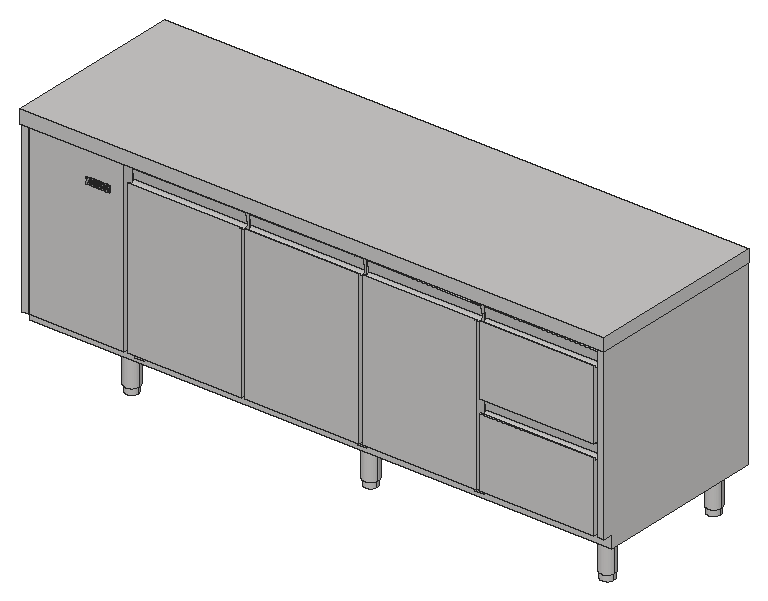
Revit family "QF_ZANUSSI_111057_ZH4HBAAAB", category Specialty Equipment, Revit 2018
Family settings
  Round Connector Dimension = Use Diameter
  Part Type = Normal
  Work Plane-Based = No
  Always vertical = Yes
  Cut with Voids When Loaded = No
  Shared = No
  Room Calculation Point = No
Parameters
  Weight = 0.00 kg
  Watts = 0.0232258 W
  Volts = 220 V
  URL Manufacturer = "http://www.zanussiprofessional.com/"
  URL = "http://www.zanussiprofessional.com/"
  Steam Supply Size = 0 mm
  Steam Supply Minimum Pressure = 0.0 Pa
  Steam Supply Maximum Pressure = 0.0 Pa
  Steam Pounds per Hour = 0
  Show Logo [instance] = yes
  Show Clearance [instance] = yes
  Refrigeration Suction Line Size = 0 mm
  Refrigeration Liquid Line Size = 0 mm
  Refrigerant Compressor Remote = yes
  Manufacturer = "Zanussi"
  Phase = 1
  Model = "ZH4HBAAAB"
  Length Actual = 2253 mm  # constant formula
  Item Number = "111057"
  Hot Water Size = 0 mm
  Height Actual = 900 mm  # constant formula
  HP = "0.3 HP"
  Gas Size = 0 mm
  Gas KW = 0
  Gas Input Pressure = 0 W
  Description = "3 DOORS+2 DRAWERS REFRIGER.TABLE 590L"
  Depth Actual = 700 mm  # constant formula
  Cycle = 50 Hz
  Condensate Return Size = 0 mm
  Compressed Air Volume = 0.0 L/s
  Compressed Air Size = 0 mm
  Compressed Air Pressure = 0.0 Pa
  Cold Water Size = 0 mm
  Accessory = yes
Reference planes
  plane 1 "Center X": y = 182.5
  plane 2: z = 0
  plane 3 "Center Y": x = -580.5
  plane 4: y = -62.5
  plane 5: y = 451.5
  plane 6 "BACK": y = 532.5
  plane 7 "FRONT": y = -167.5
  plane 8: x = -1360
  plane 9: x = 478
  plane 10: z = 150
  plane 11 "TOP": z = 900
  plane 12: z = 850
  plane 13 "LEFT": x = -1705
  plane 14 "RIGHT": x = 544
  plane 15: x = -437
  plane 16: x = -1707
  plane 17: x = 546
Forms (mm)
  Extrusion 1, solid, material "QF_Finishes_Stainless Steel"
    sketch origin (-580.5, 2, 0) x (0, 1, 0) y (0, 0, 1)
      loop
        line (530.5, 150) -> (530.5, 850) -> (-124.5, 850) -> (-124.5, 150) -> (530.5, 150)
    from -1124.5 to 1124.5
  Extrusion 2, solid, material "QF_Finishes_Stainless Steel"
    sketch origin (-1022.223, -1524, 150) x (-1, 0, 0) y (0, -1, 0)
      loop
        line (682.777, -1361.5) -> (657.777, -1361.5) -> (657.777, -1401.5) -> (682.777, -1401.5) -> (682.777, -1361.5)
      loop
        line (-1566.223, -1401.5) -> (-1541.223, -1401.5) -> (-1541.223, -1361.5) -> (-1566.223, -1361.5) -> (-1566.223, -1401.5)
    from 47 to 700
  Extrusion 3, solid, material "QF_Finishes_Stainless Steel"
    sketch origin (0, 0, 900) x (-1, 0, 0) y (0, -1, 0)
      loop
        circle (-57, -94.5) r 8.45
      loop
        circle (851, -94.5) r 8.45
    from -790.577 to -750
  Extrusion 4, solid, material "QF_Finishes_Stainless Steel"
    sketch origin (0, 0, 0) x (1, 0, 0) y (0, 1, 0)
      loop
        circle (-1621, 451.5) r 4
    from 109.423 to 150
  Extrusion 5, solid, material "QF_Finishes_Stainless Steel"
    sketch origin (-126.5, 0, 0) x (0, 1, 0) y (0, 0, 1)
      loop
        line (-167.5, 900) -> (-167.5, 850) -> (532.5, 850) -> (532.5, 900) -> (-167.5, 900)
    from 672.5 to -1580.5
Cuts and joins
  joined: Extrusion 1, Extrusion 2
Lines and regions (mm)
  symbolic lines, style "SpecialityEquipmentHiddenLines"
    curve 1: line (-1707, -122.5, 900) -> (546, -122.5, 900)
    curve 2: line (-1304, -167.5, 900) -> (-1304, -122.5, 900)
  symbolic lines, style "SpecialityEquipment"
    curve 3: line (-1707, 532.5, 900) -> (546, 532.5, 900)
    curve 4: line (-1707, 532.5, 900) -> (-1707, -167.5, 900)
    curve 5: line (-1707, -167.5, 900) -> (546, -167.5, 900)
    curve 6: line (546, -167.5, 900) -> (546, 532.5, 900)
Dimensions and locks
  locked: plane 6 "BACK" to plane 7 "FRONT" at 700
  equal spacing: plane 6 "BACK", plane 1 "Center X", plane 7 "FRONT"
  locked: plane 6 "BACK" to plane 5 at 81
  plane 10 to level = 150 mm
  plane 11 "TOP" to plane 12 to plane 10 = 50 mm locked, 700 mm locked
  locked: Extrusion 2 sketch curve to Extrusion 2 sketch curve at 25  (x2)
  locked: plane 4 to plane 7 "FRONT" at 105
  locked: plane 6 "BACK" to Extrusion 3 sketch curve at 438  (x2)
  equal spacing: plane 13 "LEFT", plane 3 "Center Y", plane 14 "RIGHT"
  plane 16 to plane 17 = 2253 mm
  locked: plane 13 "LEFT" to plane 8 at 345
  plane 15 to plane 9 to plane 14 "RIGHT" = 915 mm locked, 66 mm locked
  Extrusion 3 sketch curve to Extrusion 3 sketch curve to plane 14 "RIGHT" = 908 mm locked, 487 mm locked
  plane 13 "LEFT" to Extrusion 4 sketch curve = 84 mm
  locked: plane 6 "BACK" to Extrusion 4 sketch curve at 81
  locked: plane 10 to Extrusion 4 at 40.577
  aligned and locked: level to plane 2
  aligned and locked: plane 10 to Extrusion 3
  aligned and locked: nested 4 to plane 4
  aligned and locked: nested 1 to plane 4
  aligned and locked: nested 3 to plane 5
  aligned and locked: nested 2 to plane 5
  aligned and locked: plane 8 to nested 1
  aligned and locked: plane 8 to nested 2
  aligned and locked: plane 9 to nested 4
  aligned and locked: plane 9 to nested 3
  aligned and locked: Extrusion 1 to Extrusion 2
  aligned and locked: Extrusion 2 to Extrusion 1
  aligned and locked: Extrusion 2 sketch curve to plane 14 "RIGHT"
  aligned and locked: plane 13 "LEFT" to Extrusion 2 sketch curve
  aligned and locked: cut or joined group of Extrusion 1, Extrusion 2 to plane 10
  aligned and locked: plane 12 to cut or joined group of Extrusion 1, Extrusion 2
  aligned and locked: plane 10 to Extrusion 4
  aligned and locked: plane 15 to nested 11
  aligned and locked: plane 15 to nested 12
Automatic sketch dimensions
  plane 7 "FRONT" to Extrusion 2 sketch curve = 45 mm  (x2)
  plane 7 "FRONT" to Extrusion 2 sketch curve = 5 mm  (x2)
  curve 2 to plane 7 "FRONT" = 0 mm
  curve 5 to plane 16 = 0 mm
  curve 3 to plane 6 "BACK" = 0 mm
  plane 8 to curve 2 = 56 mm
  plane 7 "FRONT" to curve 1 = 45 mm
  Extrusion 1 sketch curve to plane 10 = 0 mm
  Extrusion 1 sketch curve to plane 12 = 0 mm
  Extrusion 1 sketch curve to plane 6 "BACK" = 0 mm
  plane 7 "FRONT" to Extrusion 1 sketch curve = 45 mm
  Extrusion 5 sketch curve to plane 7 "FRONT" = 0 mm
  Extrusion 5 sketch curve to plane 6 "BACK" = 0 mm
  Extrusion 5 sketch curve to plane 12 = 0 mm
  Extrusion 5 sketch curve to plane 11 "TOP" = 0 mm
  curve 6 to plane 17 = 0 mm
  radius of Extrusion 3 sketch curve = 8.45 mm  (x2)
  radius of Extrusion 4 sketch curve = 4 mm
Nested families
  nested 1: "Foot_Ø50_H150" at (-1360, -62.5, 0), type "Foot_Ø50_H150"
  nested 2: "Foot_Ø50_H150" at (-1360, 451.5, 0), type "Foot_Ø50_H150"
  nested 3: "Foot_Ø50_H150" at (478, 451.5, 0), type "Foot_Ø50_H150"
  nested 4: "Foot_Ø50_H150" at (478, -62.5, 0), type "Foot_Ø50_H150"
  nested 5: "2 Drawers" at (285, -164.5, 0), Show Clearance <- "Show Clearance", type "2 Drawers"
  nested 6: "Door" at (-169, -164.5, 0), Show Clearance <- "Show Clearance", type "Door"
  nested 7: "Refrigerator" at (544, -167.5, 900), type "Refrigerator"
  nested 8: "ZAN_Cooling Unit" at (-1495.5, -164.5, 0), Show Logo <- "Show Logo", type "ZAN_Cooling Unit"
  nested 9: "Door" at (-623, -164.5, 0), Show Clearance <- "Show Clearance", type "Door"
  nested 10: "Door" at (-1077, -164.5, 0) x (-1, 0, 0) z (0, 0, 1), Show Clearance <- "Show Clearance", type "Door"
  nested 11: "Foot_Ø50_H150" at (-437, -62.5, 0), type "Foot_Ø50_H150"
  nested 12: "Foot_Ø50_H150" at (-437, 451.5, 0), type "Foot_Ø50_H150"
Connectors
  electrical at (-1621, 451.5, 109.423), driven by "Volts"
    settings: on Extrusion 4, index 4, voltage 220 V, apparent load 0 VA, apparent load phase1 0 VA, apparent load phase2 0 VA, apparent load phase3 0 VA, power factor 1, load classification "Altro", number of poles 1, system type 30, power factor state 1, is connector primary yes, connector utility no, sub classification motor no, connector description "Electrical Connection"
  piping at (57, 94.5, 109.423), diameter 17
    settings: on Extrusion 3, index 5, connector inside diameter 609.6 mm, connector length 0 mm, flow factor 0, pipe flow 0.0 L/s, pressure drop 0.0 Pa, fitting loss kfactor 0, connector angle 0.00°, fixture units 0, engagement length 0 mm, angle of deflection 0.00°, flow configuration 1, flow direction 2, fitting loss method 0, system type 16, joint type 0, gender type 0, connector reference index -1, connector utility 0, adjustable connector no, is connector primary yes, connector description "Drain"
  piping at (-851, 94.5, 109.423), diameter 17
    settings: on Extrusion 3, index 6, connector inside diameter 609.6 mm, connector length 0 mm, flow factor 0, pipe flow 0.0 L/s, pressure drop 0.0 Pa, fitting loss kfactor 0, connector angle 0.00°, fixture units 0, engagement length 0 mm, angle of deflection 0.00°, flow configuration 1, flow direction 2, fitting loss method 0, system type 16, joint type 0, gender type 0, connector reference index -1, connector utility 0, adjustable connector no, is connector primary no, connector description "Drain"
Definition of nested family "Foot_Ø50_H150"
  Reference planes
    plane 1 "Centro (Fronte/Retro)": y = 0
    plane 2: z = 0
    plane 3 "Centro (Sinistra/Destra)": x = 0
    plane 4: z = 150
  Forms (mm)
    Revolve 1, solid
      sketch origin (255.05, 0, 608.09) x (0, 0, 1) y (-1, 0, 0)
        loop
          line (-608.09, 255.05) -> (-608.09, 230.05) -> (-583.09, 230.05) -> (-583.09, 226.05) -> (-458.09, 226.05) -> (-458.09, 255.05) -> (-608.09, 255.05)
        axis (-608.09, 255.05) -> (-458.09, 255.05)
      angle from 0 to 360
  Dimensions and locks
    locked: Revolve 1 sketch curve to Revolve 1 sketch curve at 125
    aligned and locked: level to plane 2
    aligned and locked: plane 4 to Revolve 1 sketch curve
    aligned and locked: Revolve 1 sketch curve to level
    aligned and locked: plane 3 "Centro (Sinistra/Destra)" to Revolve 1 sketch curve
Definition of nested family "2 Drawers"
  Parameters
    Show Clearance [instance] = yes
  Reference planes
    plane 1 "FRONT": y = -3
    plane 2: z = 0
    plane 3 "Centro (Sinistra/Destra)": x = 0
    plane 4: z = 150
    plane 5: z = 850
    plane 6: x = -234
    plane 7: x = 234
    plane 8: x = -220
    plane 9: x = 220
  Forms (mm)
    Extrusion 1, solid
      sketch origin (0, 55, 511) x (0, 0, 1) y (0, -1, 0)
        loop
          line (314, 18) -> (314, 29) -> (274.395, 22.5)
          arc (274.395, 22.5) -> (260.395, 36.5) -> (274.395, 50.5) r 14
          line (274.395, 50.5) -> (274.395, 53) -> (5, 53) -> (5, 18) -> (314, 18)
        loop
          line (-5, 29) -> (-44.605, 22.5)
          arc (-44.605, 22.5) -> (-58.605, 36.5) -> (-44.605, 50.5) r 14
          line (-44.605, 50.5) -> (-44.605, 53) -> (-314, 53) -> (-314, 18) -> (-5, 18) -> (-5, 29)
      from -220 to 220
    Extrusion 2, solid, visible <- "Show Clearance", detail levels coarse
      sketch origin (0, -462, 511) x (0, 0, 1) y (0, -1, 0)
        loop
          line (-314, 109) -> (-314, -464) -> (-5, -464) -> (-5, 109) -> (-314, 109)
        loop
          line (314, -464) -> (314, 109) -> (5, 109) -> (5, -464) -> (314, -464)
      from -220 to 220
  Lines and regions (mm)
    symbolic lines
      curve 1: line (-190, -3, 0) -> (-190, -88, 0)
      curve 2: line (190, -88, 0) -> (190, -3, 0)
      curve 3: line (220, -88, 0) -> (-220, -88, 0)
      curve 4: line (-220, -88, 0) -> (-220, -123, 0)
      curve 5: line (-220, -123, 0) -> (220, -123, 0)
      curve 6: line (220, -123, 0) -> (220, -88, 0)
      curve 7: line (-190, -123, 0) -> (-190, -208, 0)
      curve 8: line (220, -208, 0) -> (-220, -208, 0)
      curve 9: line (-220, -208, 0) -> (-220, -243, 0)
      curve 10: line (-220, -243, 0) -> (220, -243, 0)
      curve 11: line (220, -243, 0) -> (220, -208, 0)
      curve 12: line (190, -208, 0) -> (190, -123, 0)
  Dimensions and locks
    aligned and locked: level to plane 2
Definition of nested family "Door"
  Parameters
    Show Clearance [instance] = yes
  Reference planes
    plane 1 "FRONT": y = -3
    plane 2: z = 0
    plane 3 "Centro (Sinistra/Destra)": x = 0
    plane 4: z = 150
    plane 5: z = 850
    plane 6: x = -234
    plane 7: x = 234
    plane 8: x = -220
    plane 9: x = 220
  Forms (mm)
    Extrusion 1, solid
      sketch origin (0, 53, 511) x (0, 0, 1) y (0, -1, 0)
        loop
          line (-323.003, 28.5) -> (-316.501, 28.5) -> (-316.501, 31) -> (-325.503, 31) -> (-325.503, 13.5) -> (-345.503, 13.5) -> (-345.503, 11) -> (-323.003, 11) -> (-323.003, 23.259) -> (-323.003, 28.5)
        loop
          line (-314, 27) -> (-316.501, 27) -> (-316.501, 18.501) -> (-319.752, 18.501) -> (-319.752, 16) -> (-314, 16) -> (-314, 27)
        loop
          line (315.003, 27) -> (315.003, 13.948) -> (315.003, 11) -> (327.503, 11) -> (327.503, 13.5) -> (317.503, 13.5) -> (317.503, 27) -> (315.003, 27)
      from 185 to 220
    Extrusion 2, solid, visible <- "Show Clearance", detail levels coarse
      sketch origin (0, 53, 511) x (0, -1, 0) y (1, 0, 0)
        loop
          line (51, 220) -> (51, -220)
          arc (51, -220) -> (339.234, -79.44) -> (454, 220) r 437.168
          line (454, 220) -> (51, 220)
      from -314 to 314
    Extrusion 3, solid
      sketch origin (0, 55, 511) x (0, 0, 1) y (0, -1, 0)
        loop
          line (314, 18) -> (314, 29) -> (274.395, 22.5)
          arc (274.395, 22.5) -> (260.395, 36.5) -> (274.395, 50.5) r 14
          line (274.395, 50.5) -> (274.395, 53) -> (-314, 53) -> (-314, 18) -> (314, 18)
      from -220 to 220
  Lines and regions (mm)
    symbolic lines
      curve 1: line (220, -3, 0) -> (220, -401, 0)
      curve 2: line (220, -401, 0) -> (185, -401, 0)
      curve 3: line (185, -401, 0) -> (185, -3, 0)
      curve 4: arc (-219.722, -3, 0) -> (-89.51, -275.368, 0) -> (185, -401, 0) r 442.855
  Dimensions and locks
    aligned and locked: level to plane 2
Definition of nested family "ZAN_Cooling Unit"
  Parameters
    Show Logo [instance] = yes
  Reference planes
    plane 1 "FRONT": y = -3
    plane 2: z = 0
    plane 3 "Centro (Sinistra/Destra)": x = 0
    plane 4: z = 150
    plane 5: z = 850
    plane 6: x = -184.5
    plane 7: x = 184.5
  Forms (mm)
    Extrusion 1, solid
      sketch origin (0, 55, 511) x (0, 0, 1) y (0, -1, 0)
        loop
          line (-314, 53) -> (-314, 13) -> (339, 13) -> (339, 53) -> (-314, 53)
      from -184.5 to 184.5
  Lines and regions (mm)
    Split face 1
      outline origin (0, 2, 197) x (0, 0, 1) y (-1, 0, 0)
        loop
          line (566.835, 184.5) -> (566.835, -184.5)
        loop
          line (521.835, 184.5) -> (521.835, -184.5)
    Split face 2
      outline origin (0, 2, 197) x (0, 0, 1) y (-1, 0, 0)
        loop
          arc (510.649, 158.547) -> (506.648, 162.548) -> (502.647, 158.547) r 4.001
          line (502.647, 158.547) -> (502.647, 116.535)
          arc (502.647, 116.535) -> (506.648, 112.533) -> (510.649, 116.535) r 4.001
          line (510.649, 116.535) -> (510.649, 158.547)
    Split face 3
      outline origin (0, 2, 184.996) x (0, 0, 1) y (-1, 0, 0)
        loop
          arc (510.649, 158.547) -> (506.648, 162.548) -> (502.647, 158.547) r 4.001
          line (502.647, 158.547) -> (502.647, 116.535)
          arc (502.647, 116.535) -> (506.648, 112.533) -> (510.649, 116.535) r 4.001
          line (510.649, 116.535) -> (510.649, 158.547)
    Split face 4
      outline origin (0, 2, 172.993) x (0, 0, 1) y (-1, 0, 0)
        loop
          arc (510.649, 158.547) -> (506.648, 162.548) -> (502.647, 158.547) r 4.001
          line (502.647, 158.547) -> (502.647, 116.535)
          arc (502.647, 116.535) -> (506.648, 112.533) -> (510.649, 116.535) r 4.001
          line (510.649, 116.535) -> (510.649, 158.547)
    Split face 5
      outline origin (0, 2, 160.989) x (0, 0, 1) y (-1, 0, 0)
        loop
          arc (510.649, 158.547) -> (506.648, 162.548) -> (502.647, 158.547) r 4.001
          line (502.647, 158.547) -> (502.647, 116.535)
          arc (502.647, 116.535) -> (506.648, 112.533) -> (510.649, 116.535) r 4.001
          line (510.649, 116.535) -> (510.649, 158.547)
    Split face 6
      outline origin (0, 2, 148.986) x (0, 0, 1) y (-1, 0, 0)
        loop
          arc (510.649, 158.547) -> (506.648, 162.548) -> (502.647, 158.547) r 4.001
          line (502.647, 158.547) -> (502.647, 116.535)
          arc (502.647, 116.535) -> (506.648, 112.533) -> (510.649, 116.535) r 4.001
          line (510.649, 116.535) -> (510.649, 158.547)
    Split face 7
      outline origin (0, 2, 136.982) x (0, 0, 1) y (-1, 0, 0)
        loop
          arc (510.649, 158.547) -> (506.648, 162.548) -> (502.647, 158.547) r 4.001
          line (502.647, 158.547) -> (502.647, 116.535)
          arc (502.647, 116.535) -> (506.648, 112.533) -> (510.649, 116.535) r 4.001
          line (510.649, 116.535) -> (510.649, 158.547)
    Split face 8
      outline origin (0, 2, 124.979) x (0, 0, 1) y (-1, 0, 0)
        loop
          arc (510.649, 158.547) -> (506.648, 162.548) -> (502.647, 158.547) r 4.001
          line (502.647, 158.547) -> (502.647, 116.535)
          arc (502.647, 116.535) -> (506.648, 112.533) -> (510.649, 116.535) r 4.001
          line (510.649, 116.535) -> (510.649, 158.547)
    Split face 9
      outline origin (0, 2, 112.975) x (0, 0, 1) y (-1, 0, 0)
        loop
          arc (510.649, 158.547) -> (506.648, 162.548) -> (502.647, 158.547) r 4.001
          line (502.647, 158.547) -> (502.647, 116.535)
          arc (502.647, 116.535) -> (506.648, 112.533) -> (510.649, 116.535) r 4.001
          line (510.649, 116.535) -> (510.649, 158.547)
    Split face 10
      outline origin (0, 2, 100.972) x (0, 0, 1) y (-1, 0, 0)
        loop
          arc (510.649, 158.547) -> (506.648, 162.548) -> (502.647, 158.547) r 4.001
          line (502.647, 158.547) -> (502.647, 116.535)
          arc (502.647, 116.535) -> (506.648, 112.533) -> (510.649, 116.535) r 4.001
          line (510.649, 116.535) -> (510.649, 158.547)
    Split face 11
      outline origin (0, 2, 88.968) x (0, 0, 1) y (-1, 0, 0)
        loop
          arc (510.649, 158.547) -> (506.648, 162.548) -> (502.647, 158.547) r 4.001
          line (502.647, 158.547) -> (502.647, 116.535)
          arc (502.647, 116.535) -> (506.648, 112.533) -> (510.649, 116.535) r 4.001
          line (510.649, 116.535) -> (510.649, 158.547)
    Split face 12
      outline origin (0, 2, 76.965) x (0, 0, 1) y (-1, 0, 0)
        loop
          arc (510.649, 158.547) -> (506.648, 162.548) -> (502.647, 158.547) r 4.001
          line (502.647, 158.547) -> (502.647, 116.535)
          arc (502.647, 116.535) -> (506.648, 112.533) -> (510.649, 116.535) r 4.001
          line (510.649, 116.535) -> (510.649, 158.547)
    Split face 13
      outline origin (0, 2, 64.961) x (0, 0, 1) y (-1, 0, 0)
        loop
          arc (510.649, 158.547) -> (506.648, 162.548) -> (502.647, 158.547) r 4.001
          line (502.647, 158.547) -> (502.647, 116.535)
          arc (502.647, 116.535) -> (506.648, 112.533) -> (510.649, 116.535) r 4.001
          line (510.649, 116.535) -> (510.649, 158.547)
    Split face 14
      outline origin (0, 2, 52.958) x (0, 0, 1) y (-1, 0, 0)
        loop
          arc (510.649, 158.547) -> (506.648, 162.548) -> (502.647, 158.547) r 4.001
          line (502.647, 158.547) -> (502.647, 116.535)
          arc (502.647, 116.535) -> (506.648, 112.533) -> (510.649, 116.535) r 4.001
          line (510.649, 116.535) -> (510.649, 158.547)
    Split face 15
      outline origin (0, 2, 40.954) x (0, 0, 1) y (-1, 0, 0)
        loop
          arc (510.649, 158.547) -> (506.648, 162.548) -> (502.647, 158.547) r 4.001
          line (502.647, 158.547) -> (502.647, 116.535)
          arc (502.647, 116.535) -> (506.648, 112.533) -> (510.649, 116.535) r 4.001
          line (510.649, 116.535) -> (510.649, 158.547)
    Split face 16
      outline origin (0, 2, 28.951) x (0, 0, 1) y (-1, 0, 0)
        loop
          arc (510.649, 158.547) -> (506.648, 162.548) -> (502.647, 158.547) r 4.001
          line (502.647, 158.547) -> (502.647, 116.535)
          arc (502.647, 116.535) -> (506.648, 112.533) -> (510.649, 116.535) r 4.001
          line (510.649, 116.535) -> (510.649, 158.547)
    Split face 17
      outline origin (0, 2, 16.947) x (0, 0, 1) y (-1, 0, 0)
        loop
          arc (510.649, 158.547) -> (506.648, 162.548) -> (502.647, 158.547) r 4.001
          line (502.647, 158.547) -> (502.647, 116.535)
          arc (502.647, 116.535) -> (506.648, 112.533) -> (510.649, 116.535) r 4.001
          line (510.649, 116.535) -> (510.649, 158.547)
    Split face 18
      outline origin (55.016, 2, 197) x (0, 0, 1) y (-1, 0, 0)
        loop
          arc (510.649, 158.547) -> (506.648, 162.548) -> (502.647, 158.547) r 4.001
          line (502.647, 158.547) -> (502.647, 116.535)
          arc (502.647, 116.535) -> (506.648, 112.533) -> (510.649, 116.535) r 4.001
          line (510.649, 116.535) -> (510.649, 158.547)
    Split face 19
      outline origin (55.016, 2, 184.996) x (0, 0, 1) y (-1, 0, 0)
        loop
          arc (510.649, 158.547) -> (506.648, 162.548) -> (502.647, 158.547) r 4.001
          line (502.647, 158.547) -> (502.647, 116.535)
          arc (502.647, 116.535) -> (506.648, 112.533) -> (510.649, 116.535) r 4.001
          line (510.649, 116.535) -> (510.649, 158.547)
    Split face 20
      outline origin (55.016, 2, 172.993) x (0, 0, 1) y (-1, 0, 0)
        loop
          arc (510.649, 158.547) -> (506.648, 162.548) -> (502.647, 158.547) r 4.001
          line (502.647, 158.547) -> (502.647, 116.535)
          arc (502.647, 116.535) -> (506.648, 112.533) -> (510.649, 116.535) r 4.001
          line (510.649, 116.535) -> (510.649, 158.547)
    Split face 21
      outline origin (55.016, 2, 160.989) x (0, 0, 1) y (-1, 0, 0)
        loop
          arc (510.649, 158.547) -> (506.648, 162.548) -> (502.647, 158.547) r 4.001
          line (502.647, 158.547) -> (502.647, 116.535)
          arc (502.647, 116.535) -> (506.648, 112.533) -> (510.649, 116.535) r 4.001
          line (510.649, 116.535) -> (510.649, 158.547)
    Split face 22
      outline origin (55.016, 2, 148.986) x (0, 0, 1) y (-1, 0, 0)
        loop
          arc (510.649, 158.547) -> (506.648, 162.548) -> (502.647, 158.547) r 4.001
          line (502.647, 158.547) -> (502.647, 116.535)
          arc (502.647, 116.535) -> (506.648, 112.533) -> (510.649, 116.535) r 4.001
          line (510.649, 116.535) -> (510.649, 158.547)
    Split face 23
      outline origin (55.016, 2, 136.982) x (0, 0, 1) y (-1, 0, 0)
        loop
          arc (510.649, 158.547) -> (506.648, 162.548) -> (502.647, 158.547) r 4.001
          line (502.647, 158.547) -> (502.647, 116.535)
          arc (502.647, 116.535) -> (506.648, 112.533) -> (510.649, 116.535) r 4.001
          line (510.649, 116.535) -> (510.649, 158.547)
    Split face 24
      outline origin (55.016, 2, 124.979) x (0, 0, 1) y (-1, 0, 0)
        loop
          arc (510.649, 158.547) -> (506.648, 162.548) -> (502.647, 158.547) r 4.001
          line (502.647, 158.547) -> (502.647, 116.535)
          arc (502.647, 116.535) -> (506.648, 112.533) -> (510.649, 116.535) r 4.001
          line (510.649, 116.535) -> (510.649, 158.547)
    Split face 25
      outline origin (55.016, 2, 112.975) x (0, 0, 1) y (-1, 0, 0)
        loop
          arc (510.649, 158.547) -> (506.648, 162.548) -> (502.647, 158.547) r 4.001
          line (502.647, 158.547) -> (502.647, 116.535)
          arc (502.647, 116.535) -> (506.648, 112.533) -> (510.649, 116.535) r 4.001
          line (510.649, 116.535) -> (510.649, 158.547)
    Split face 26
      outline origin (55.016, 2, 100.972) x (0, 0, 1) y (-1, 0, 0)
        loop
          arc (510.649, 158.547) -> (506.648, 162.548) -> (502.647, 158.547) r 4.001
          line (502.647, 158.547) -> (502.647, 116.535)
          arc (502.647, 116.535) -> (506.648, 112.533) -> (510.649, 116.535) r 4.001
          line (510.649, 116.535) -> (510.649, 158.547)
    Split face 27
      outline origin (55.016, 2, 88.968) x (0, 0, 1) y (-1, 0, 0)
        loop
          arc (510.649, 158.547) -> (506.648, 162.548) -> (502.647, 158.547) r 4.001
          line (502.647, 158.547) -> (502.647, 116.535)
          arc (502.647, 116.535) -> (506.648, 112.533) -> (510.649, 116.535) r 4.001
          line (510.649, 116.535) -> (510.649, 158.547)
    Split face 28
      outline origin (55.016, 2, 76.965) x (0, 0, 1) y (-1, 0, 0)
        loop
          arc (510.649, 158.547) -> (506.648, 162.548) -> (502.647, 158.547) r 4.001
          line (502.647, 158.547) -> (502.647, 116.535)
          arc (502.647, 116.535) -> (506.648, 112.533) -> (510.649, 116.535) r 4.001
          line (510.649, 116.535) -> (510.649, 158.547)
    Split face 29
      outline origin (55.016, 2, 64.961) x (0, 0, 1) y (-1, 0, 0)
        loop
          arc (510.649, 158.547) -> (506.648, 162.548) -> (502.647, 158.547) r 4.001
          line (502.647, 158.547) -> (502.647, 116.535)
          arc (502.647, 116.535) -> (506.648, 112.533) -> (510.649, 116.535) r 4.001
          line (510.649, 116.535) -> (510.649, 158.547)
    Split face 30
      outline origin (55.016, 2, 52.958) x (0, 0, 1) y (-1, 0, 0)
        loop
          arc (510.649, 158.547) -> (506.648, 162.548) -> (502.647, 158.547) r 4.001
          line (502.647, 158.547) -> (502.647, 116.535)
          arc (502.647, 116.535) -> (506.648, 112.533) -> (510.649, 116.535) r 4.001
          line (510.649, 116.535) -> (510.649, 158.547)
    Split face 31
      outline origin (55.016, 2, 40.954) x (0, 0, 1) y (-1, 0, 0)
        loop
          arc (510.649, 158.547) -> (506.648, 162.548) -> (502.647, 158.547) r 4.001
          line (502.647, 158.547) -> (502.647, 116.535)
          arc (502.647, 116.535) -> (506.648, 112.533) -> (510.649, 116.535) r 4.001
          line (510.649, 116.535) -> (510.649, 158.547)
    Split face 32
      outline origin (55.016, 2, 28.951) x (0, 0, 1) y (-1, 0, 0)
        loop
          arc (510.649, 158.547) -> (506.648, 162.548) -> (502.647, 158.547) r 4.001
          line (502.647, 158.547) -> (502.647, 116.535)
          arc (502.647, 116.535) -> (506.648, 112.533) -> (510.649, 116.535) r 4.001
          line (510.649, 116.535) -> (510.649, 158.547)
    Split face 33
      outline origin (55.016, 2, 16.947) x (0, 0, 1) y (-1, 0, 0)
        loop
          arc (510.649, 158.547) -> (506.648, 162.548) -> (502.647, 158.547) r 4.001
          line (502.647, 158.547) -> (502.647, 116.535)
          arc (502.647, 116.535) -> (506.648, 112.533) -> (510.649, 116.535) r 4.001
          line (510.649, 116.535) -> (510.649, 158.547)
    Split face 34
      outline origin (110.032, 2, 197) x (0, 0, 1) y (-1, 0, 0)
        loop
          arc (510.649, 158.547) -> (506.648, 162.548) -> (502.647, 158.547) r 4.001
          line (502.647, 158.547) -> (502.647, 116.535)
          arc (502.647, 116.535) -> (506.648, 112.533) -> (510.649, 116.535) r 4.001
          line (510.649, 116.535) -> (510.649, 158.547)
    Split face 35
      outline origin (110.032, 2, 184.996) x (0, 0, 1) y (-1, 0, 0)
        loop
          arc (510.649, 158.547) -> (506.648, 162.548) -> (502.647, 158.547) r 4.001
          line (502.647, 158.547) -> (502.647, 116.535)
          arc (502.647, 116.535) -> (506.648, 112.533) -> (510.649, 116.535) r 4.001
          line (510.649, 116.535) -> (510.649, 158.547)
    Split face 36
      outline origin (110.032, 2, 172.993) x (0, 0, 1) y (-1, 0, 0)
        loop
          arc (510.649, 158.547) -> (506.648, 162.548) -> (502.647, 158.547) r 4.001
          line (502.647, 158.547) -> (502.647, 116.535)
          arc (502.647, 116.535) -> (506.648, 112.533) -> (510.649, 116.535) r 4.001
          line (510.649, 116.535) -> (510.649, 158.547)
    Split face 37
      outline origin (110.032, 2, 160.989) x (0, 0, 1) y (-1, 0, 0)
        loop
          arc (510.649, 158.547) -> (506.648, 162.548) -> (502.647, 158.547) r 4.001
          line (502.647, 158.547) -> (502.647, 116.535)
          arc (502.647, 116.535) -> (506.648, 112.533) -> (510.649, 116.535) r 4.001
          line (510.649, 116.535) -> (510.649, 158.547)
    Split face 38
      outline origin (110.032, 2, 148.986) x (0, 0, 1) y (-1, 0, 0)
        loop
          arc (510.649, 158.547) -> (506.648, 162.548) -> (502.647, 158.547) r 4.001
          line (502.647, 158.547) -> (502.647, 116.535)
          arc (502.647, 116.535) -> (506.648, 112.533) -> (510.649, 116.535) r 4.001
          line (510.649, 116.535) -> (510.649, 158.547)
    Split face 39
      outline origin (110.032, 2, 136.982) x (0, 0, 1) y (-1, 0, 0)
        loop
          arc (510.649, 158.547) -> (506.648, 162.548) -> (502.647, 158.547) r 4.001
          line (502.647, 158.547) -> (502.647, 116.535)
          arc (502.647, 116.535) -> (506.648, 112.533) -> (510.649, 116.535) r 4.001
          line (510.649, 116.535) -> (510.649, 158.547)
    Split face 40
      outline origin (110.032, 2, 124.979) x (0, 0, 1) y (-1, 0, 0)
        loop
          arc (510.649, 158.547) -> (506.648, 162.548) -> (502.647, 158.547) r 4.001
          line (502.647, 158.547) -> (502.647, 116.535)
          arc (502.647, 116.535) -> (506.648, 112.533) -> (510.649, 116.535) r 4.001
          line (510.649, 116.535) -> (510.649, 158.547)
    Split face 41
      outline origin (110.032, 2, 112.975) x (0, 0, 1) y (-1, 0, 0)
        loop
          arc (510.649, 158.547) -> (506.648, 162.548) -> (502.647, 158.547) r 4.001
          line (502.647, 158.547) -> (502.647, 116.535)
          arc (502.647, 116.535) -> (506.648, 112.533) -> (510.649, 116.535) r 4.001
          line (510.649, 116.535) -> (510.649, 158.547)
    Split face 42
      outline origin (110.032, 2, 100.972) x (0, 0, 1) y (-1, 0, 0)
        loop
          arc (510.649, 158.547) -> (506.648, 162.548) -> (502.647, 158.547) r 4.001
          line (502.647, 158.547) -> (502.647, 116.535)
          arc (502.647, 116.535) -> (506.648, 112.533) -> (510.649, 116.535) r 4.001
          line (510.649, 116.535) -> (510.649, 158.547)
    Split face 43
      outline origin (110.032, 2, 88.968) x (0, 0, 1) y (-1, 0, 0)
        loop
          arc (510.649, 158.547) -> (506.648, 162.548) -> (502.647, 158.547) r 4.001
          line (502.647, 158.547) -> (502.647, 116.535)
          arc (502.647, 116.535) -> (506.648, 112.533) -> (510.649, 116.535) r 4.001
          line (510.649, 116.535) -> (510.649, 158.547)
    Split face 44
      outline origin (110.032, 2, 76.965) x (0, 0, 1) y (-1, 0, 0)
        loop
          arc (510.649, 158.547) -> (506.648, 162.548) -> (502.647, 158.547) r 4.001
          line (502.647, 158.547) -> (502.647, 116.535)
          arc (502.647, 116.535) -> (506.648, 112.533) -> (510.649, 116.535) r 4.001
          line (510.649, 116.535) -> (510.649, 158.547)
    Split face 45
      outline origin (110.032, 2, 64.961) x (0, 0, 1) y (-1, 0, 0)
        loop
          arc (510.649, 158.547) -> (506.648, 162.548) -> (502.647, 158.547) r 4.001
          line (502.647, 158.547) -> (502.647, 116.535)
          arc (502.647, 116.535) -> (506.648, 112.533) -> (510.649, 116.535) r 4.001
          line (510.649, 116.535) -> (510.649, 158.547)
    Split face 46
      outline origin (110.032, 2, 52.958) x (0, 0, 1) y (-1, 0, 0)
        loop
          arc (510.649, 158.547) -> (506.648, 162.548) -> (502.647, 158.547) r 4.001
          line (502.647, 158.547) -> (502.647, 116.535)
          arc (502.647, 116.535) -> (506.648, 112.533) -> (510.649, 116.535) r 4.001
          line (510.649, 116.535) -> (510.649, 158.547)
    Split face 47
      outline origin (110.032, 2, 40.954) x (0, 0, 1) y (-1, 0, 0)
        loop
          arc (510.649, 158.547) -> (506.648, 162.548) -> (502.647, 158.547) r 4.001
          line (502.647, 158.547) -> (502.647, 116.535)
          arc (502.647, 116.535) -> (506.648, 112.533) -> (510.649, 116.535) r 4.001
          line (510.649, 116.535) -> (510.649, 158.547)
    Split face 48
      outline origin (110.032, 2, 28.951) x (0, 0, 1) y (-1, 0, 0)
        loop
          arc (510.649, 158.547) -> (506.648, 162.548) -> (502.647, 158.547) r 4.001
          line (502.647, 158.547) -> (502.647, 116.535)
          arc (502.647, 116.535) -> (506.648, 112.533) -> (510.649, 116.535) r 4.001
          line (510.649, 116.535) -> (510.649, 158.547)
    Split face 49
      outline origin (110.032, 2, 16.947) x (0, 0, 1) y (-1, 0, 0)
        loop
          arc (510.649, 158.547) -> (506.648, 162.548) -> (502.647, 158.547) r 4.001
          line (502.647, 158.547) -> (502.647, 116.535)
          arc (502.647, 116.535) -> (506.648, 112.533) -> (510.649, 116.535) r 4.001
          line (510.649, 116.535) -> (510.649, 158.547)
    Split face 50
      outline origin (165.048, 2, 197) x (0, 0, 1) y (-1, 0, 0)
        loop
          arc (510.649, 158.547) -> (506.648, 162.548) -> (502.647, 158.547) r 4.001
          line (502.647, 158.547) -> (502.647, 116.535)
          arc (502.647, 116.535) -> (506.648, 112.533) -> (510.649, 116.535) r 4.001
          line (510.649, 116.535) -> (510.649, 158.547)
    Split face 51
      outline origin (165.048, 2, 184.996) x (0, 0, 1) y (-1, 0, 0)
        loop
          arc (510.649, 158.547) -> (506.648, 162.548) -> (502.647, 158.547) r 4.001
          line (502.647, 158.547) -> (502.647, 116.535)
          arc (502.647, 116.535) -> (506.648, 112.533) -> (510.649, 116.535) r 4.001
          line (510.649, 116.535) -> (510.649, 158.547)
    Split face 52
      outline origin (165.048, 2, 172.993) x (0, 0, 1) y (-1, 0, 0)
        loop
          arc (510.649, 158.547) -> (506.648, 162.548) -> (502.647, 158.547) r 4.001
          line (502.647, 158.547) -> (502.647, 116.535)
          arc (502.647, 116.535) -> (506.648, 112.533) -> (510.649, 116.535) r 4.001
          line (510.649, 116.535) -> (510.649, 158.547)
    Split face 53
      outline origin (165.048, 2, 160.989) x (0, 0, 1) y (-1, 0, 0)
        loop
          arc (510.649, 158.547) -> (506.648, 162.548) -> (502.647, 158.547) r 4.001
          line (502.647, 158.547) -> (502.647, 116.535)
          arc (502.647, 116.535) -> (506.648, 112.533) -> (510.649, 116.535) r 4.001
          line (510.649, 116.535) -> (510.649, 158.547)
    Split face 54
      outline origin (165.048, 2, 148.986) x (0, 0, 1) y (-1, 0, 0)
        loop
          arc (510.649, 158.547) -> (506.648, 162.548) -> (502.647, 158.547) r 4.001
          line (502.647, 158.547) -> (502.647, 116.535)
          arc (502.647, 116.535) -> (506.648, 112.533) -> (510.649, 116.535) r 4.001
          line (510.649, 116.535) -> (510.649, 158.547)
    Split face 55
      outline origin (165.048, 2, 136.982) x (0, 0, 1) y (-1, 0, 0)
        loop
          arc (510.649, 158.547) -> (506.648, 162.548) -> (502.647, 158.547) r 4.001
          line (502.647, 158.547) -> (502.647, 116.535)
          arc (502.647, 116.535) -> (506.648, 112.533) -> (510.649, 116.535) r 4.001
          line (510.649, 116.535) -> (510.649, 158.547)
    Split face 56
      outline origin (165.048, 2, 124.979) x (0, 0, 1) y (-1, 0, 0)
        loop
          arc (510.649, 158.547) -> (506.648, 162.548) -> (502.647, 158.547) r 4.001
          line (502.647, 158.547) -> (502.647, 116.535)
          arc (502.647, 116.535) -> (506.648, 112.533) -> (510.649, 116.535) r 4.001
          line (510.649, 116.535) -> (510.649, 158.547)
    Split face 57
      outline origin (165.048, 2, 112.975) x (0, 0, 1) y (-1, 0, 0)
        loop
          arc (510.649, 158.547) -> (506.648, 162.548) -> (502.647, 158.547) r 4.001
          line (502.647, 158.547) -> (502.647, 116.535)
          arc (502.647, 116.535) -> (506.648, 112.533) -> (510.649, 116.535) r 4.001
          line (510.649, 116.535) -> (510.649, 158.547)
    Split face 58
      outline origin (165.048, 2, 100.972) x (0, 0, 1) y (-1, 0, 0)
        loop
          arc (510.649, 158.547) -> (506.648, 162.548) -> (502.647, 158.547) r 4.001
          line (502.647, 158.547) -> (502.647, 116.535)
          arc (502.647, 116.535) -> (506.648, 112.533) -> (510.649, 116.535) r 4.001
          line (510.649, 116.535) -> (510.649, 158.547)
    Split face 59
      outline origin (165.048, 2, 88.968) x (0, 0, 1) y (-1, 0, 0)
        loop
          arc (510.649, 158.547) -> (506.648, 162.548) -> (502.647, 158.547) r 4.001
          line (502.647, 158.547) -> (502.647, 116.535)
          arc (502.647, 116.535) -> (506.648, 112.533) -> (510.649, 116.535) r 4.001
          line (510.649, 116.535) -> (510.649, 158.547)
    Split face 60
      outline origin (165.048, 2, 76.965) x (0, 0, 1) y (-1, 0, 0)
        loop
          arc (510.649, 158.547) -> (506.648, 162.548) -> (502.647, 158.547) r 4.001
          line (502.647, 158.547) -> (502.647, 116.535)
          arc (502.647, 116.535) -> (506.648, 112.533) -> (510.649, 116.535) r 4.001
          line (510.649, 116.535) -> (510.649, 158.547)
    Split face 61
      outline origin (165.048, 2, 64.961) x (0, 0, 1) y (-1, 0, 0)
        loop
          arc (510.649, 158.547) -> (506.648, 162.548) -> (502.647, 158.547) r 4.001
          line (502.647, 158.547) -> (502.647, 116.535)
          arc (502.647, 116.535) -> (506.648, 112.533) -> (510.649, 116.535) r 4.001
          line (510.649, 116.535) -> (510.649, 158.547)
    Split face 62
      outline origin (165.048, 2, 52.958) x (0, 0, 1) y (-1, 0, 0)
        loop
          arc (510.649, 158.547) -> (506.648, 162.548) -> (502.647, 158.547) r 4.001
          line (502.647, 158.547) -> (502.647, 116.535)
          arc (502.647, 116.535) -> (506.648, 112.533) -> (510.649, 116.535) r 4.001
          line (510.649, 116.535) -> (510.649, 158.547)
    Split face 63
      outline origin (165.048, 2, 40.954) x (0, 0, 1) y (-1, 0, 0)
        loop
          arc (510.649, 158.547) -> (506.648, 162.548) -> (502.647, 158.547) r 4.001
          line (502.647, 158.547) -> (502.647, 116.535)
          arc (502.647, 116.535) -> (506.648, 112.533) -> (510.649, 116.535) r 4.001
          line (510.649, 116.535) -> (510.649, 158.547)
    Split face 64
      outline origin (165.048, 2, 28.951) x (0, 0, 1) y (-1, 0, 0)
        loop
          arc (510.649, 158.547) -> (506.648, 162.548) -> (502.647, 158.547) r 4.001
          line (502.647, 158.547) -> (502.647, 116.535)
          arc (502.647, 116.535) -> (506.648, 112.533) -> (510.649, 116.535) r 4.001
          line (510.649, 116.535) -> (510.649, 158.547)
    Split face 65
      outline origin (165.048, 2, 16.947) x (0, 0, 1) y (-1, 0, 0)
        loop
          arc (510.649, 158.547) -> (506.648, 162.548) -> (502.647, 158.547) r 4.001
          line (502.647, 158.547) -> (502.647, 116.535)
          arc (502.647, 116.535) -> (506.648, 112.533) -> (510.649, 116.535) r 4.001
          line (510.649, 116.535) -> (510.649, 158.547)
    Split face 66
      outline origin (220.064, 2, 197) x (0, 0, 1) y (-1, 0, 0)
        loop
          arc (510.649, 158.547) -> (506.648, 162.548) -> (502.647, 158.547) r 4.001
          line (502.647, 158.547) -> (502.647, 116.535)
          arc (502.647, 116.535) -> (506.648, 112.533) -> (510.649, 116.535) r 4.001
          line (510.649, 116.535) -> (510.649, 158.547)
    Split face 67
      outline origin (220.064, 2, 184.996) x (0, 0, 1) y (-1, 0, 0)
        loop
          arc (510.649, 158.547) -> (506.648, 162.548) -> (502.647, 158.547) r 4.001
          line (502.647, 158.547) -> (502.647, 116.535)
          arc (502.647, 116.535) -> (506.648, 112.533) -> (510.649, 116.535) r 4.001
          line (510.649, 116.535) -> (510.649, 158.547)
    Split face 68
      outline origin (220.064, 2, 172.993) x (0, 0, 1) y (-1, 0, 0)
        loop
          arc (510.649, 158.547) -> (506.648, 162.548) -> (502.647, 158.547) r 4.001
          line (502.647, 158.547) -> (502.647, 116.535)
          arc (502.647, 116.535) -> (506.648, 112.533) -> (510.649, 116.535) r 4.001
          line (510.649, 116.535) -> (510.649, 158.547)
    Split face 69
      outline origin (220.064, 2, 160.989) x (0, 0, 1) y (-1, 0, 0)
        loop
          arc (510.649, 158.547) -> (506.648, 162.548) -> (502.647, 158.547) r 4.001
          line (502.647, 158.547) -> (502.647, 116.535)
          arc (502.647, 116.535) -> (506.648, 112.533) -> (510.649, 116.535) r 4.001
          line (510.649, 116.535) -> (510.649, 158.547)
    Split face 70
      outline origin (220.064, 2, 148.986) x (0, 0, 1) y (-1, 0, 0)
        loop
          arc (510.649, 158.547) -> (506.648, 162.548) -> (502.647, 158.547) r 4.001
          line (502.647, 158.547) -> (502.647, 116.535)
          arc (502.647, 116.535) -> (506.648, 112.533) -> (510.649, 116.535) r 4.001
          line (510.649, 116.535) -> (510.649, 158.547)
    Split face 71
      outline origin (220.064, 2, 136.982) x (0, 0, 1) y (-1, 0, 0)
        loop
          arc (510.649, 158.547) -> (506.648, 162.548) -> (502.647, 158.547) r 4.001
          line (502.647, 158.547) -> (502.647, 116.535)
          arc (502.647, 116.535) -> (506.648, 112.533) -> (510.649, 116.535) r 4.001
          line (510.649, 116.535) -> (510.649, 158.547)
    Split face 72
      outline origin (220.064, 2, 124.979) x (0, 0, 1) y (-1, 0, 0)
        loop
          arc (510.649, 158.547) -> (506.648, 162.548) -> (502.647, 158.547) r 4.001
          line (502.647, 158.547) -> (502.647, 116.535)
          arc (502.647, 116.535) -> (506.648, 112.533) -> (510.649, 116.535) r 4.001
          line (510.649, 116.535) -> (510.649, 158.547)
    Split face 73
      outline origin (220.064, 2, 112.975) x (0, 0, 1) y (-1, 0, 0)
        loop
          arc (510.649, 158.547) -> (506.648, 162.548) -> (502.647, 158.547) r 4.001
          line (502.647, 158.547) -> (502.647, 116.535)
          arc (502.647, 116.535) -> (506.648, 112.533) -> (510.649, 116.535) r 4.001
          line (510.649, 116.535) -> (510.649, 158.547)
    Split face 74
      outline origin (220.064, 2, 100.972) x (0, 0, 1) y (-1, 0, 0)
        loop
          arc (510.649, 158.547) -> (506.648, 162.548) -> (502.647, 158.547) r 4.001
          line (502.647, 158.547) -> (502.647, 116.535)
          arc (502.647, 116.535) -> (506.648, 112.533) -> (510.649, 116.535) r 4.001
          line (510.649, 116.535) -> (510.649, 158.547)
    Split face 75
      outline origin (220.064, 2, 88.968) x (0, 0, 1) y (-1, 0, 0)
        loop
          arc (510.649, 158.547) -> (506.648, 162.548) -> (502.647, 158.547) r 4.001
          line (502.647, 158.547) -> (502.647, 116.535)
          arc (502.647, 116.535) -> (506.648, 112.533) -> (510.649, 116.535) r 4.001
          line (510.649, 116.535) -> (510.649, 158.547)
    Split face 76
      outline origin (220.064, 2, 76.965) x (0, 0, 1) y (-1, 0, 0)
        loop
          arc (510.649, 158.547) -> (506.648, 162.548) -> (502.647, 158.547) r 4.001
          line (502.647, 158.547) -> (502.647, 116.535)
          arc (502.647, 116.535) -> (506.648, 112.533) -> (510.649, 116.535) r 4.001
          line (510.649, 116.535) -> (510.649, 158.547)
    Split face 77
      outline origin (220.064, 2, 64.961) x (0, 0, 1) y (-1, 0, 0)
        loop
          arc (510.649, 158.547) -> (506.648, 162.548) -> (502.647, 158.547) r 4.001
          line (502.647, 158.547) -> (502.647, 116.535)
          arc (502.647, 116.535) -> (506.648, 112.533) -> (510.649, 116.535) r 4.001
          line (510.649, 116.535) -> (510.649, 158.547)
    Split face 78
      outline origin (220.064, 2, 52.958) x (0, 0, 1) y (-1, 0, 0)
        loop
          arc (510.649, 158.547) -> (506.648, 162.548) -> (502.647, 158.547) r 4.001
          line (502.647, 158.547) -> (502.647, 116.535)
          arc (502.647, 116.535) -> (506.648, 112.533) -> (510.649, 116.535) r 4.001
          line (510.649, 116.535) -> (510.649, 158.547)
    Split face 79
      outline origin (220.064, 2, 40.954) x (0, 0, 1) y (-1, 0, 0)
        loop
          arc (510.649, 158.547) -> (506.648, 162.548) -> (502.647, 158.547) r 4.001
          line (502.647, 158.547) -> (502.647, 116.535)
          arc (502.647, 116.535) -> (506.648, 112.533) -> (510.649, 116.535) r 4.001
          line (510.649, 116.535) -> (510.649, 158.547)
    Split face 80
      outline origin (220.064, 2, 28.951) x (0, 0, 1) y (-1, 0, 0)
        loop
          arc (510.649, 158.547) -> (506.648, 162.548) -> (502.647, 158.547) r 4.001
          line (502.647, 158.547) -> (502.647, 116.535)
          arc (502.647, 116.535) -> (506.648, 112.533) -> (510.649, 116.535) r 4.001
          line (510.649, 116.535) -> (510.649, 158.547)
    Split face 81
      outline origin (220.064, 2, 16.947) x (0, 0, 1) y (-1, 0, 0)
        loop
          arc (510.649, 158.547) -> (506.648, 162.548) -> (502.647, 158.547) r 4.001
          line (502.647, 158.547) -> (502.647, 116.535)
          arc (502.647, 116.535) -> (506.648, 112.533) -> (510.649, 116.535) r 4.001
          line (510.649, 116.535) -> (510.649, 158.547)
    Split face 82
      outline origin (275.081, 2, 197) x (0, 0, 1) y (-1, 0, 0)
        loop
          arc (510.649, 158.547) -> (506.648, 162.548) -> (502.647, 158.547) r 4.001
          line (502.647, 158.547) -> (502.647, 116.535)
          arc (502.647, 116.535) -> (506.648, 112.533) -> (510.649, 116.535) r 4.001
          line (510.649, 116.535) -> (510.649, 158.547)
    Split face 83
      outline origin (275.081, 2, 184.996) x (0, 0, 1) y (-1, 0, 0)
        loop
          arc (510.649, 158.547) -> (506.648, 162.548) -> (502.647, 158.547) r 4.001
          line (502.647, 158.547) -> (502.647, 116.535)
          arc (502.647, 116.535) -> (506.648, 112.533) -> (510.649, 116.535) r 4.001
          line (510.649, 116.535) -> (510.649, 158.547)
    Split face 84
      outline origin (275.081, 2, 172.993) x (0, 0, 1) y (-1, 0, 0)
        loop
          arc (510.649, 158.547) -> (506.648, 162.548) -> (502.647, 158.547) r 4.001
          line (502.647, 158.547) -> (502.647, 116.535)
          arc (502.647, 116.535) -> (506.648, 112.533) -> (510.649, 116.535) r 4.001
          line (510.649, 116.535) -> (510.649, 158.547)
    Split face 85
      outline origin (275.081, 2, 160.989) x (0, 0, 1) y (-1, 0, 0)
        loop
          arc (510.649, 158.547) -> (506.648, 162.548) -> (502.647, 158.547) r 4.001
          line (502.647, 158.547) -> (502.647, 116.535)
          arc (502.647, 116.535) -> (506.648, 112.533) -> (510.649, 116.535) r 4.001
          line (510.649, 116.535) -> (510.649, 158.547)
    Split face 86
      outline origin (275.081, 2, 148.986) x (0, 0, 1) y (-1, 0, 0)
        loop
          arc (510.649, 158.547) -> (506.648, 162.548) -> (502.647, 158.547) r 4.001
          line (502.647, 158.547) -> (502.647, 116.535)
          arc (502.647, 116.535) -> (506.648, 112.533) -> (510.649, 116.535) r 4.001
          line (510.649, 116.535) -> (510.649, 158.547)
    Split face 87
      outline origin (275.081, 2, 136.982) x (0, 0, 1) y (-1, 0, 0)
        loop
          arc (510.649, 158.547) -> (506.648, 162.548) -> (502.647, 158.547) r 4.001
          line (502.647, 158.547) -> (502.647, 116.535)
          arc (502.647, 116.535) -> (506.648, 112.533) -> (510.649, 116.535) r 4.001
          line (510.649, 116.535) -> (510.649, 158.547)
    Split face 88
      outline origin (275.081, 2, 124.979) x (0, 0, 1) y (-1, 0, 0)
        loop
          arc (510.649, 158.547) -> (506.648, 162.548) -> (502.647, 158.547) r 4.001
          line (502.647, 158.547) -> (502.647, 116.535)
          arc (502.647, 116.535) -> (506.648, 112.533) -> (510.649, 116.535) r 4.001
          line (510.649, 116.535) -> (510.649, 158.547)
    Split face 89
      outline origin (275.081, 2, 112.975) x (0, 0, 1) y (-1, 0, 0)
        loop
          arc (510.649, 158.547) -> (506.648, 162.548) -> (502.647, 158.547) r 4.001
          line (502.647, 158.547) -> (502.647, 116.535)
          arc (502.647, 116.535) -> (506.648, 112.533) -> (510.649, 116.535) r 4.001
          line (510.649, 116.535) -> (510.649, 158.547)
    Split face 90
      outline origin (275.081, 2, 100.972) x (0, 0, 1) y (-1, 0, 0)
        loop
          arc (510.649, 158.547) -> (506.648, 162.548) -> (502.647, 158.547) r 4.001
          line (502.647, 158.547) -> (502.647, 116.535)
          arc (502.647, 116.535) -> (506.648, 112.533) -> (510.649, 116.535) r 4.001
          line (510.649, 116.535) -> (510.649, 158.547)
    Split face 91
      outline origin (275.081, 2, 88.968) x (0, 0, 1) y (-1, 0, 0)
        loop
          arc (510.649, 158.547) -> (506.648, 162.548) -> (502.647, 158.547) r 4.001
          line (502.647, 158.547) -> (502.647, 116.535)
          arc (502.647, 116.535) -> (506.648, 112.533) -> (510.649, 116.535) r 4.001
          line (510.649, 116.535) -> (510.649, 158.547)
    Split face 92
      outline origin (275.081, 2, 76.965) x (0, 0, 1) y (-1, 0, 0)
        loop
          arc (510.649, 158.547) -> (506.648, 162.548) -> (502.647, 158.547) r 4.001
          line (502.647, 158.547) -> (502.647, 116.535)
          arc (502.647, 116.535) -> (506.648, 112.533) -> (510.649, 116.535) r 4.001
          line (510.649, 116.535) -> (510.649, 158.547)
    Split face 93
      outline origin (275.081, 2, 64.961) x (0, 0, 1) y (-1, 0, 0)
        loop
          arc (510.649, 158.547) -> (506.648, 162.548) -> (502.647, 158.547) r 4.001
          line (502.647, 158.547) -> (502.647, 116.535)
          arc (502.647, 116.535) -> (506.648, 112.533) -> (510.649, 116.535) r 4.001
          line (510.649, 116.535) -> (510.649, 158.547)
    Split face 94
      outline origin (275.081, 2, 52.958) x (0, 0, 1) y (-1, 0, 0)
        loop
          arc (510.649, 158.547) -> (506.648, 162.548) -> (502.647, 158.547) r 4.001
          line (502.647, 158.547) -> (502.647, 116.535)
          arc (502.647, 116.535) -> (506.648, 112.533) -> (510.649, 116.535) r 4.001
          line (510.649, 116.535) -> (510.649, 158.547)
    Split face 95
      outline origin (275.081, 2, 40.954) x (0, 0, 1) y (-1, 0, 0)
        loop
          arc (510.649, 158.547) -> (506.648, 162.548) -> (502.647, 158.547) r 4.001
          line (502.647, 158.547) -> (502.647, 116.535)
          arc (502.647, 116.535) -> (506.648, 112.533) -> (510.649, 116.535) r 4.001
          line (510.649, 116.535) -> (510.649, 158.547)
    Split face 96
      outline origin (275.081, 2, 28.951) x (0, 0, 1) y (-1, 0, 0)
        loop
          arc (510.649, 158.547) -> (506.648, 162.548) -> (502.647, 158.547) r 4.001
          line (502.647, 158.547) -> (502.647, 116.535)
          arc (502.647, 116.535) -> (506.648, 112.533) -> (510.649, 116.535) r 4.001
          line (510.649, 116.535) -> (510.649, 158.547)
    Split face 97
      outline origin (275.081, 2, 16.947) x (0, 0, 1) y (-1, 0, 0)
        loop
          arc (510.649, 158.547) -> (506.648, 162.548) -> (502.647, 158.547) r 4.001
          line (502.647, 158.547) -> (502.647, 116.535)
          arc (502.647, 116.535) -> (506.648, 112.533) -> (510.649, 116.535) r 4.001
          line (510.649, 116.535) -> (510.649, 158.547)
    Split face 98
      outline origin (0, 2, -113.091) x (0, 0, 1) y (-1, 0, 0)
        loop
          arc (510.649, 158.547) -> (506.648, 162.548) -> (502.647, 158.547) r 4.001
          line (502.647, 158.547) -> (502.647, 116.535)
          arc (502.647, 116.535) -> (506.648, 112.533) -> (510.649, 116.535) r 4.001
          line (510.649, 116.535) -> (510.649, 158.547)
    Split face 99
      outline origin (0, 2, -125.094) x (0, 0, 1) y (-1, 0, 0)
        loop
          arc (510.649, 158.547) -> (506.648, 162.548) -> (502.647, 158.547) r 4.001
          line (502.647, 158.547) -> (502.647, 116.535)
          arc (502.647, 116.535) -> (506.648, 112.533) -> (510.649, 116.535) r 4.001
          line (510.649, 116.535) -> (510.649, 158.547)
    Split face 100
      outline origin (0, 2, -137.098) x (0, 0, 1) y (-1, 0, 0)
        loop
          arc (510.649, 158.547) -> (506.648, 162.548) -> (502.647, 158.547) r 4.001
          line (502.647, 158.547) -> (502.647, 116.535)
          arc (502.647, 116.535) -> (506.648, 112.533) -> (510.649, 116.535) r 4.001
          line (510.649, 116.535) -> (510.649, 158.547)
    Split face 101
      outline origin (0, 2, -149.101) x (0, 0, 1) y (-1, 0, 0)
        loop
          arc (510.649, 158.547) -> (506.648, 162.548) -> (502.647, 158.547) r 4.001
          line (502.647, 158.547) -> (502.647, 116.535)
          arc (502.647, 116.535) -> (506.648, 112.533) -> (510.649, 116.535) r 4.001
          line (510.649, 116.535) -> (510.649, 158.547)
    Split face 102
      outline origin (0, 2, -161.105) x (0, 0, 1) y (-1, 0, 0)
        loop
          arc (510.649, 158.547) -> (506.648, 162.548) -> (502.647, 158.547) r 4.001
          line (502.647, 158.547) -> (502.647, 116.535)
          arc (502.647, 116.535) -> (506.648, 112.533) -> (510.649, 116.535) r 4.001
          line (510.649, 116.535) -> (510.649, 158.547)
    Split face 103
      outline origin (0, 2, -173.108) x (0, 0, 1) y (-1, 0, 0)
        loop
          arc (510.649, 158.547) -> (506.648, 162.548) -> (502.647, 158.547) r 4.001
          line (502.647, 158.547) -> (502.647, 116.535)
          arc (502.647, 116.535) -> (506.648, 112.533) -> (510.649, 116.535) r 4.001
          line (510.649, 116.535) -> (510.649, 158.547)
    Split face 104
      outline origin (0, 2, -185.112) x (0, 0, 1) y (-1, 0, 0)
        loop
          arc (510.649, 158.547) -> (506.648, 162.548) -> (502.647, 158.547) r 4.001
          line (502.647, 158.547) -> (502.647, 116.535)
          arc (502.647, 116.535) -> (506.648, 112.533) -> (510.649, 116.535) r 4.001
          line (510.649, 116.535) -> (510.649, 158.547)
    Split face 105
      outline origin (0, 2, -197.115) x (0, 0, 1) y (-1, 0, 0)
        loop
          arc (510.649, 158.547) -> (506.648, 162.548) -> (502.647, 158.547) r 4.001
          line (502.647, 158.547) -> (502.647, 116.535)
          arc (502.647, 116.535) -> (506.648, 112.533) -> (510.649, 116.535) r 4.001
          line (510.649, 116.535) -> (510.649, 158.547)
    Split face 106
      outline origin (0, 2, -209.119) x (0, 0, 1) y (-1, 0, 0)
        loop
          arc (510.649, 158.547) -> (506.648, 162.548) -> (502.647, 158.547) r 4.001
          line (502.647, 158.547) -> (502.647, 116.535)
          arc (502.647, 116.535) -> (506.648, 112.533) -> (510.649, 116.535) r 4.001
          line (510.649, 116.535) -> (510.649, 158.547)
    Split face 107
      outline origin (0, 2, -221.122) x (0, 0, 1) y (-1, 0, 0)
        loop
          arc (510.649, 158.547) -> (506.648, 162.548) -> (502.647, 158.547) r 4.001
          line (502.647, 158.547) -> (502.647, 116.535)
          arc (502.647, 116.535) -> (506.648, 112.533) -> (510.649, 116.535) r 4.001
          line (510.649, 116.535) -> (510.649, 158.547)
    Split face 108
      outline origin (0, 2, -233.126) x (0, 0, 1) y (-1, 0, 0)
        loop
          arc (510.649, 158.547) -> (506.648, 162.548) -> (502.647, 158.547) r 4.001
          line (502.647, 158.547) -> (502.647, 116.535)
          arc (502.647, 116.535) -> (506.648, 112.533) -> (510.649, 116.535) r 4.001
          line (510.649, 116.535) -> (510.649, 158.547)
    Split face 109
      outline origin (0, 2, -245.129) x (0, 0, 1) y (-1, 0, 0)
        loop
          arc (510.649, 158.547) -> (506.648, 162.548) -> (502.647, 158.547) r 4.001
          line (502.647, 158.547) -> (502.647, 116.535)
          arc (502.647, 116.535) -> (506.648, 112.533) -> (510.649, 116.535) r 4.001
          line (510.649, 116.535) -> (510.649, 158.547)
    Split face 110
      outline origin (0, 2, -257.133) x (0, 0, 1) y (-1, 0, 0)
        loop
          arc (510.649, 158.547) -> (506.648, 162.548) -> (502.647, 158.547) r 4.001
          line (502.647, 158.547) -> (502.647, 116.535)
          arc (502.647, 116.535) -> (506.648, 112.533) -> (510.649, 116.535) r 4.001
          line (510.649, 116.535) -> (510.649, 158.547)
    Split face 111
      outline origin (0, 2, -269.136) x (0, 0, 1) y (-1, 0, 0)
        loop
          arc (510.649, 158.547) -> (506.648, 162.548) -> (502.647, 158.547) r 4.001
          line (502.647, 158.547) -> (502.647, 116.535)
          arc (502.647, 116.535) -> (506.648, 112.533) -> (510.649, 116.535) r 4.001
          line (510.649, 116.535) -> (510.649, 158.547)
    Split face 112
      outline origin (0, 2, -281.14) x (0, 0, 1) y (-1, 0, 0)
        loop
          arc (510.649, 158.547) -> (506.648, 162.548) -> (502.647, 158.547) r 4.001
          line (502.647, 158.547) -> (502.647, 116.535)
          arc (502.647, 116.535) -> (506.648, 112.533) -> (510.649, 116.535) r 4.001
          line (510.649, 116.535) -> (510.649, 158.547)
    Split face 113
      outline origin (0, 2, -293.144) x (0, 0, 1) y (-1, 0, 0)
        loop
          arc (510.649, 158.547) -> (506.648, 162.548) -> (502.647, 158.547) r 4.001
          line (502.647, 158.547) -> (502.647, 116.535)
          arc (502.647, 116.535) -> (506.648, 112.533) -> (510.649, 116.535) r 4.001
          line (510.649, 116.535) -> (510.649, 158.547)
    Split face 114
      outline origin (55.016, 2, -113.091) x (0, 0, 1) y (-1, 0, 0)
        loop
          arc (510.649, 158.547) -> (506.648, 162.548) -> (502.647, 158.547) r 4.001
          line (502.647, 158.547) -> (502.647, 116.535)
          arc (502.647, 116.535) -> (506.648, 112.533) -> (510.649, 116.535) r 4.001
          line (510.649, 116.535) -> (510.649, 158.547)
    Split face 115
      outline origin (55.016, 2, -125.094) x (0, 0, 1) y (-1, 0, 0)
        loop
          arc (510.649, 158.547) -> (506.648, 162.548) -> (502.647, 158.547) r 4.001
          line (502.647, 158.547) -> (502.647, 116.535)
          arc (502.647, 116.535) -> (506.648, 112.533) -> (510.649, 116.535) r 4.001
          line (510.649, 116.535) -> (510.649, 158.547)
    Split face 116
      outline origin (55.016, 2, -137.098) x (0, 0, 1) y (-1, 0, 0)
        loop
          arc (510.649, 158.547) -> (506.648, 162.548) -> (502.647, 158.547) r 4.001
          line (502.647, 158.547) -> (502.647, 116.535)
          arc (502.647, 116.535) -> (506.648, 112.533) -> (510.649, 116.535) r 4.001
          line (510.649, 116.535) -> (510.649, 158.547)
    Split face 117
      outline origin (55.016, 2, -149.101) x (0, 0, 1) y (-1, 0, 0)
        loop
          arc (510.649, 158.547) -> (506.648, 162.548) -> (502.647, 158.547) r 4.001
          line (502.647, 158.547) -> (502.647, 116.535)
          arc (502.647, 116.535) -> (506.648, 112.533) -> (510.649, 116.535) r 4.001
          line (510.649, 116.535) -> (510.649, 158.547)
    Split face 118
      outline origin (55.016, 2, -161.105) x (0, 0, 1) y (-1, 0, 0)
        loop
          arc (510.649, 158.547) -> (506.648, 162.548) -> (502.647, 158.547) r 4.001
          line (502.647, 158.547) -> (502.647, 116.535)
          arc (502.647, 116.535) -> (506.648, 112.533) -> (510.649, 116.535) r 4.001
          line (510.649, 116.535) -> (510.649, 158.547)
    Split face 119
      outline origin (55.016, 2, -173.108) x (0, 0, 1) y (-1, 0, 0)
        loop
          arc (510.649, 158.547) -> (506.648, 162.548) -> (502.647, 158.547) r 4.001
          line (502.647, 158.547) -> (502.647, 116.535)
          arc (502.647, 116.535) -> (506.648, 112.533) -> (510.649, 116.535) r 4.001
          line (510.649, 116.535) -> (510.649, 158.547)
    Split face 120
      outline origin (55.016, 2, -185.112) x (0, 0, 1) y (-1, 0, 0)
        loop
          arc (510.649, 158.547) -> (506.648, 162.548) -> (502.647, 158.547) r 4.001
          line (502.647, 158.547) -> (502.647, 116.535)
          arc (502.647, 116.535) -> (506.648, 112.533) -> (510.649, 116.535) r 4.001
          line (510.649, 116.535) -> (510.649, 158.547)
    Split face 121
      outline origin (55.016, 2, -197.115) x (0, 0, 1) y (-1, 0, 0)
        loop
          arc (510.649, 158.547) -> (506.648, 162.548) -> (502.647, 158.547) r 4.001
          line (502.647, 158.547) -> (502.647, 116.535)
          arc (502.647, 116.535) -> (506.648, 112.533) -> (510.649, 116.535) r 4.001
          line (510.649, 116.535) -> (510.649, 158.547)
    Split face 122
      outline origin (55.016, 2, -209.119) x (0, 0, 1) y (-1, 0, 0)
        loop
          arc (510.649, 158.547) -> (506.648, 162.548) -> (502.647, 158.547) r 4.001
          line (502.647, 158.547) -> (502.647, 116.535)
          arc (502.647, 116.535) -> (506.648, 112.533) -> (510.649, 116.535) r 4.001
